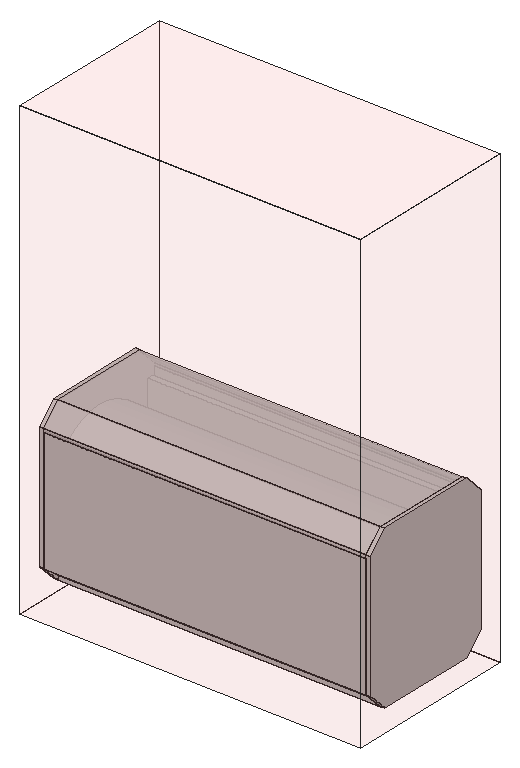
Revit family "Air-Curtain_Insect-Control_PoweredAire_RBT", category Mechanical Equipment, host Face, Revit 2024
Family settings
  Host = Face
  Round Connector Dimension = Use Diameter
  Part Type = Normal
  OmniClass Number = 23.75.35.17.21
  OmniClass Title = Air Curtains
  Cut with Voids When Loaded = No
  Maintain Annotation Orientation = No
  Shared = No
  Room Calculation Point = No
Parameters
  Warranty Duration (Years) = 0
  Unit Width Notes = "Other Widths available."  # constant formula
  Unit Width = 3' - 0"
  Unit Weight = 0
  Unit Height = 1' - 3"
  Unit Depth = 1' - 5 1/2"
  URL = "http://www.poweredaire.com/"
  Test Data = ""
  Standards Conformance = "as Specified"
  Specification = "http://www.arcat.com/sdspecs/htm04/23_34_33pai.htm"
  SpecWizard = ""
  Sound Pressure = "as Specified"
  Sales Information = "http://www.poweredaire.com/contact_us"
  Revision = "R1_2016-08"
  Projection from Host [instance] = 0' - 2"
  Product Properties = ""
  Product Data = "http://www.arcat.com/arcatcos/cos47/arc47623.html"
  Power Rating = 0 W
  Nozzle Width = if(1 = 1, Unit Width - 0' 1", 0' 0")  # 2' - 11"
  Mounting Width = if(1 = 1, Unit Width - 0' 0 15/16", 0' 0")  # 2' - 11 1/16"
  Mounting Height [instance] = 3' - 6"
  Motor RPM = 0
  Motor HP = 0
  Motor Count = 0
  Model = "As Specified"
  Max Height = 0' - 0"
  Manufacturer Website = "http://www.poweredaire.com/"
  Manufacturer Phone - Toll Free = "888-321-2473"
  Manufacturer Phone = "724-588-3305"
  Manufacturer Fax = "724-588-3371"
  Manufacturer Address = "109 Mortensen Rd.  Greenville, PA 16125"
  Manufacturer = "Powered Aire, Inc"
  Maintenance Schedule (Months) = 0
  Keynote = "23 34 33"
  Installation-Fabrication = ""
  Installation Phase = ""
  Include Clearance [instance] = yes
  Heating Element Load = 0 W
  HVAC_Temperature Rise = 0 °F
  HVAC_Outlet Volume = 0 CFM
  HVAC_Outlet Velocity Uniformity = 0
  HVAC_Outlet Velocity = 0 FPM
  Green Building-LEED = "http://www.arcat.com/green/clients/leed_data_47623.html"
  Front Grating Material [instance] = Metal - Steel - PoweredAire - Stainless 304 Perforated
  Frame Finish [instance] = Metal - Steel - PoweredAire - Stainless 304
  Expected Lifespan (Years) = 0
  Electrical_Wattage [instance] = Power Rating + Heating Element Load  # 0 W
  Electrical_Voltage [instance] = 0 V
  Electrical_Phase [instance] = 1
  Electrical_Frequency [instance] = 0 Hz
  Electrical_Amperage [instance] = 0 A
  Drawn By = "Sumex Design, Inc. / Robert S. Weygant, CSI, CDT, SCIP"
  Description = "Powered Aire Air Curtain as Specified"
  Default Elevation = 0' - 0"  # constant formula
  Copyright = "©Arcat Inc."
  Construction Details = "http://www.arcat.com/details/powair/prod3336.html"
  Clearance_Top [instance] = 0' - 2"
  Clearance_Side B [instance] = 0' - 0 1/2"
  Clearance_Side A [instance] = 0' - 0 1/2"
  Clearance_Intake [instance] = 2' - 6"
  Clearance_Bottom [instance] = 0' - 2"
  Clearance Material [instance] = ARCAT Clearance
  Building Codes = ""
  Available Options [instance] = "as Specified"
  Assembly Code = "D3090400"
Reference planes (in)
  plane 1 "Center (Elevation)": y = 0.13818
  plane 2: z = 0
  plane 3 "Center (Left/Right)": x = 0
  plane 4: y = 7.63818
  plane 5: y = -7.36182
  plane 6: x = -18
  plane 7: x = 18
  plane 8: z = 19.5
  plane 9 "FF": y = -41.86182
  plane 10: z = 2
  plane 11: x = 17.5
  plane 12: x = -17.5
  plane 13: y = 9.63818
  plane 14: y = -9.36182
  plane 15: x = -18.5
  plane 16: x = 18.5
  plane 17: z = 49.5
Forms (in)
  Extrusion 1, solid, material "Metal - Steel - PoweredAire - Stainless 304" <- "Frame Finish"
    sketch origin (0, 0, 0) x (0, 1, 0) y (0, 0, 1)
      loop
        line (5.69363, 2) -> (7.63818, 3.94454) -> (7.63818, 17.55546) -> (5.69363, 19.5) -> (-5.41728, 19.5) -> (-7.36182, 17.55546) -> (-7.36182, 3.94454) -> (-5.41728, 2) -> (5.69363, 2)
    from 17.5 to 18
  Extrusion 2, solid, material "Metal - Steel - PoweredAire - Stainless 304" <- "Frame Finish"
    sketch origin (0, 0, -0.5) x (0, 1, 0) y (0, 0, 1)
      loop
        circle (0.13818, 10.9739) r 6.25
      loop
        line (6.63818, 16.89427) -> (6.63818, 5.87829) -> (7.33849, 5.87829) -> (7.33849, 16.89427) -> (6.63818, 16.89427)
      loop
        line (-7.02798, 16.76927) -> (-7.02798, 5.75329) -> (-6.36182, 5.75329) -> (-6.36182, 16.76927) -> (-7.02798, 16.76927)
    from -17.5 to 17.5
  Extrusion 3, solid, material "Metal - Steel - PoweredAire - Stainless 304" <- "Frame Finish"
    sketch origin (0, 0, 0) x (0, 1, 0) y (0, 0, -1)
      loop
        line (5.69363, -2) -> (-5.41728, -2) -> (-7.36182, -3.94454) -> (-7.36182, -17.55546) -> (-5.41728, -19.5) -> (5.69363, -19.5) -> (7.63818, -17.55546) -> (7.63818, -3.94454) -> (5.69363, -2)
    from 17.5 to 18
  Extrusion 4, solid, material "Metal - Steel - PoweredAire - Stainless 304" <- "Frame Finish"
    sketch origin (0, 0, 0) x (0, 1, 0) y (0, 0, 1)
      loop
        line (-5.41728, 2) -> (5.69363, 2) -> (7.63818, 3.94454) -> (7.63818, 17.19454) -> (7.51318, 17.19454) -> (7.51318, 3.99632) -> (5.64186, 2.125) -> (-5.29228, 2.125) -> (-5.29228, 4.06954) -> (-7.23682, 4.06954) -> (-7.23682, 17.19454) -> (-7.36182, 17.19454) -> (-7.36182, 3.94454) -> (-5.41728, 3.94454) -> (-5.41728, 2)
      loop
        line (-6.64819, 3.61034) -> (-5.8702, 2.83235) -> (-5.74472, 2.95783) -> (-6.52271, 3.73583) -> (-6.64819, 3.61034)
    from -17.5 to 17.5
  Extrusion 5, solid, material "Metal - Steel - PoweredAire - Stainless 304 Perforated" <- "Front Grating Material"
    sketch origin (0, 0, 0) x (0, 1, 0) y (0, 0, 1)
      loop
        line (-7.36182, 17.19454) -> (-7.23682, 17.19454) -> (-7.23682, 17.50368) -> (-5.3655, 19.375) -> (5.64186, 19.375) -> (7.51318, 17.50368) -> (7.51318, 17.19454) -> (7.63818, 17.19454) -> (7.63818, 17.55546) -> (5.69363, 19.5) -> (-5.41728, 19.5) -> (-7.36182, 17.55546) -> (-7.36182, 17.19454)
    from -17.5 to 17.5
  Extrusion 6, solid, material "ARCAT Clearance" <- "Clearance Material", visible <- "Include Clearance"
    sketch origin (0, 0, 0) x (0, 1, 0) y (0, 0, 1)
      loop
        line (-9.36182, 49.5) -> (-9.36182, 0) -> (9.63818, 0) -> (9.63818, 49.5) -> (-9.36182, 49.5)
    from -18.5 to 18.5
Dimensions and locks (in)
  equal spacing: plane 4, plane 1 "Center (Elevation)", plane 5
  "Unit Height": plane 4 to plane 5
  equal spacing: plane 6, plane 3 "Center (Left/Right)", plane 7
  "Unit Width": plane 6 to plane 7
  "Mounting Height": plane 1 "Center (Elevation)" to plane 9 "FF"
  "Projection from Host": plane 10 to level
  "Unit Depth": plane 8 to plane 10
  locked: plane 6 to plane 12 at 0.5
  locked: plane 11 to plane 7 at 0.5
  "Clearance_Side A": plane 7 to plane 16
  "Clearance_Side B": plane 15 to plane 6
  "Clearance_Top": plane 13 to plane 4
  "Clearance_Bottom": plane 5 to plane 14
  "Clearance_Intake": plane 17 to plane 8
  aligned and locked: plane 2 to host face
  aligned and locked: level to host face
  aligned and locked: plane 7 to Extrusion 1
  aligned and locked: Extrusion 1 to plane 11
  aligned and locked: plane 12 to Extrusion 3
  aligned and locked: Extrusion 3 to plane 6
  aligned and locked: Extrusion 2 to plane 12
  aligned and locked: plane 11 to Extrusion 2
  aligned and locked: plane 11 to Extrusion 4
  aligned and locked: Extrusion 4 to plane 12
  aligned and locked: plane 11 to Extrusion 5
  aligned and locked: Extrusion 5 to plane 12
  aligned and locked: Extrusion 6 sketch curve to plane 17
  aligned and locked: plane 14 to Extrusion 6 sketch curve
  aligned and locked: level to Extrusion 6 sketch curve
  aligned and locked: Extrusion 6 sketch curve to plane 13
  aligned and locked: plane 16 to Extrusion 6
  aligned and locked: Extrusion 6 to plane 15
Automatic sketch dimensions
  host sketch curve to host sketch curve = 8' - 0"  (x2)
  Extrusion 1 sketch curve to plane 5 = 0' - 0"
  Extrusion 1 sketch curve to plane 8 = 0' - 0"
  Extrusion 1 sketch curve to plane 10 = 0' - 0"
  Extrusion 1 sketch curve to plane 4 = 0' - 0"
  plane 5 to Extrusion 1 sketch curve = 0' - 1.94454"  (x2)
  Extrusion 1 sketch curve to plane 4 = 0' - 1.94454"  (x2)
  plane 10 to Extrusion 1 sketch curve = 0' - 1.94454"  (x2)
  Extrusion 1 sketch curve to plane 8 = 0' - 1.94454"  (x2)
  Extrusion 2 sketch curve to plane 1 "Center (Elevation)" = 0' - 0"
  plane 5 to Extrusion 2 sketch curve = 0' - 1"
  plane 5 to Extrusion 2 sketch curve = 0' - 0.33384"
  Extrusion 2 sketch curve to plane 4 = 0' - 1"
  Extrusion 2 sketch curve to plane 4 = 0' - 0.29969"
  plane 10 to Extrusion 2 sketch curve = 0' - 3.37829"
  plane 10 to Extrusion 2 sketch curve = 0' - 3.25329"
  Extrusion 2 sketch curve to plane 8 = 0' - 9.0261"
  Extrusion 2 sketch curve to plane 8 = 0' - 3.23073"
  Extrusion 2 sketch curve to plane 8 = 0' - 3.10573"
  Extrusion 3 sketch curve to plane 5 = 0' - 0"
  Extrusion 3 sketch curve to plane 8 = 0' - 0"
  Extrusion 3 sketch curve to plane 10 = 0' - 0"
  Extrusion 3 sketch curve to plane 4 = 0' - 0"
  plane 5 to Extrusion 3 sketch curve = 0' - 1.94454"  (x2)
  Extrusion 3 sketch curve to plane 4 = 0' - 1.94454"  (x2)
  Extrusion 3 sketch curve to plane 8 = 0' - 1.94454"  (x2)
  plane 10 to Extrusion 3 sketch curve = 0' - 1.94454"  (x2)
  Extrusion 4 sketch curve to plane 5 = 0' - 0"
  Extrusion 4 sketch curve to plane 10 = 0' - 0"
  Extrusion 4 sketch curve to plane 4 = 0' - 0"
  plane 5 to Extrusion 4 sketch curve = 0' - 0 1/8"
  plane 5 to Extrusion 4 sketch curve = 0' - 0.71363"
  Extrusion 4 sketch curve to Extrusion 4 sketch curve = 0' - 0.12548"  (x2)
  Extrusion 4 sketch curve to Extrusion 4 sketch curve = 0' - 0.778"
  Extrusion 4 sketch curve to Extrusion 4 sketch curve = 0' - 0.32744"
  Extrusion 4 sketch curve to Extrusion 4 sketch curve = 0' - 0 1/8"  (x2)
  plane 10 to Extrusion 4 sketch curve = 0' - 0 1/8"
  Extrusion 4 sketch curve to plane 4 = 0' - 1.99632"
  Extrusion 4 sketch curve to Extrusion 4 sketch curve = 0' - 0.05178"  (x2)
  plane 10 to Extrusion 4 sketch curve = 0' - 0.83235"
  plane 10 to Extrusion 4 sketch curve = 0' - 1.94454"
  Extrusion 4 sketch curve to Extrusion 4 sketch curve = 0' - 0.3342"
  Extrusion 4 sketch curve to plane 4 = 0' - 0 1/8"
  Extrusion 4 sketch curve to plane 8 = 0' - 2.30546"  (x2)
  Extrusion 5 sketch curve to plane 5 = 0' - 0"
  Extrusion 5 sketch curve to plane 8 = 0' - 0"
  Extrusion 5 sketch curve to plane 4 = 0' - 0"
  plane 5 to Extrusion 5 sketch curve = 0' - 0 1/8"
  plane 5 to Extrusion 5 sketch curve = 0' - 1.94454"
  Extrusion 5 sketch curve to plane 8 = 0' - 0 1/8"
  Extrusion 5 sketch curve to Extrusion 5 sketch curve = 0' - 0.05178"  (x4)
  Extrusion 5 sketch curve to plane 4 = 0' - 1.99632"
  Extrusion 5 sketch curve to plane 8 = 0' - 1.94454"  (x2)
  Extrusion 5 sketch curve to Extrusion 5 sketch curve = 0' - 0 1/8"
  Extrusion 5 sketch curve to Extrusion 5 sketch curve = 0' - 0.30914"  (x2)
  radius of Extrusion 2 sketch curve = 0' - 6 1/4"
Connectors (in)
  electrical at (0, 7.63818, 10.56954), driven by "Electrical_Phase", driven by "Electrical_Voltage"
    settings: on Extrusion 4, index 1, voltage 0 V, apparent load 0 VA, apparent load phase1 0 VA, apparent load phase2 0 VA, apparent load phase3 0 VA, power factor 1, load classification "Motor", number of poles 1, system type 31, power factor state 1, is connector primary yes, connector utility no, sub classification motor no, connector description ""
